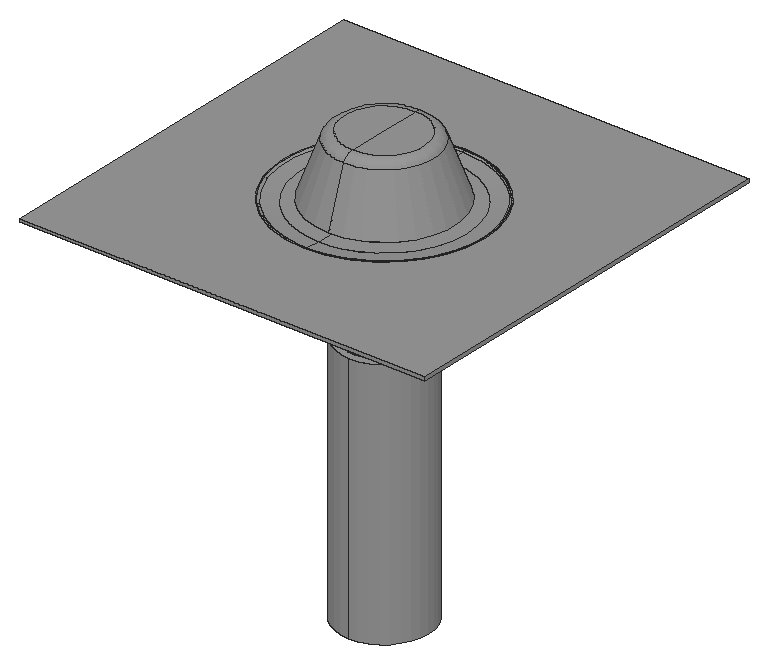
Revit family "HL_Dachablauf_HL69H-B-221103", category Instalační zařizovací předměty, Revit 2021
Family settings
  Kóta kulaté spojky = Použít průměr
  Typ dílu = Normální
  Číslo OmniClass = 23.70.50.21.24.14
  Nadpis OmniClass = Deck Waste Water Drains
  Založené na pracovní rovině = Ne
  Vždy vertikální = Ano
  Ořezat dutým tvarem při načtení = Ne
  Sdílené = Ne
  Bod výpočtu místnosti = Ano
Parameters (values of type "HL_Dachablauf_HL69H_1")
  Výchozí výška = 0 mm
  Výrobce = "HL Hutterer & Lechner GmbH"  # constant formula
  VOLUMENSTROM [instance] = 0.0 L/s
  URL = "http://www.hutterer-lechner.com/de/products/catalog/roof-drains/HL69H/1.aspx"
  RECHTSAUSKUNFT = "Urheberrechte (©), Designrechte und alle anderen Rechte am geistigen Eigentum, sind ausschließlich Eigentum der Firma HL Hutterer&Lechner GmbH. Änderungen sind nicht gestattet. Die Familien (Teile) sind mit Wasserzeichen geschützt."
  MATERIAL = "PP"
  LEISTUNG = "7,8 l/s"
  GEWICHT = "2,33 [kg]"
  EINLAUFROST = "Laubfangkorb d 145 mm"
  EINBAUHÖHE = "301 mm"
  EAN = "9003076004546"
  DURCHMESSER = 110 mm
  DIMENSION = "für DN110"
  Abdeckung Material [instance] = none
  Přípoj ventilace = no
  Přípoj odpadních dílů = yes
  Přípoj HW = no
  Přípoj CW = no
  Popis = "Dachabläufe"
  Model = "HL69H_1"
  Assembly Code = " "
  Komentáře k typům = "HL69H/1, Renovierungsdachablauf für DN110 mit Bitumenmanschette"
  Keynote = "HL69H_1"
  Einbauhöhe [instance] = 0 mm  # constant formula
  G [instance] = 180.00°  # constant formula
  D [instance] = if(DURCHMESSER = 75 mm, 250 mm, if(DURCHMESSER = 160 mm, 250 mm, 363 mm)) + Einbauhöhe  # 363 mm
  C [instance] = if(Einbauhöhe - 68 mm < 0 mm, 0 mm, Einbauhöhe - 68 mm)  # 0 mm
  B [instance] = 100 mm  # constant formula
  A [instance] = if(B - 100 mm > 15 mm, B - 100 mm, 15 mm)  # 15 mm
Types (5, lengths in mm): name | URL | LEISTUNG | GEWICHT | EAN | DURCHMESSER | DIMENSION | Model | Komentáře k typům | Keynote | D
  (no name) | "http://www.hutterer-lechner.com/de/products/catalog/roof-drains/HL69H/7.aspx" | "7,5 l/s" | "2,07 [kg]" | "9003076004539" | 75 | "für DN75" | "HL69H_7" | "HL69H/7, Renovierungsdachablauf für DN75 mit Bitumenmanschette" | "HL69H_7" | 250
  HL_Dachablauf_HL69H_1 | "http://www.hutterer-lechner.com/de/products/catalog/roof-drains/HL69H/1.aspx" | "7,8 l/s" | "2,33 [kg]" | "9003076004546" | 110 | "für DN110" | "HL69H_1" | "HL69H/1, Renovierungsdachablauf für DN110 mit Bitumenmanschette" | "HL69H_1" | 363
  HL_Dachablauf_HL69H_2 | "http://www.hutterer-lechner.com/de/products/catalog/roof-drains/HL69H/2.aspx" | "11,0 l/s" | "2,43 [kg]" | "9003076004553" | 125 | "für DN125" | "HL69H_2" | "HL69H/2, Renovierungsdachablauf für DN125 mit Bitumenmanschette" | "HL69H_2" | 363
  HL_Dachablauf_HL69H_5 | "http://www.hutterer-lechner.com/de/products/catalog/roof-drains/HL69H/5.aspx" | "10,3 l/s" | "2,82 [kg]" | "9003076008285" | 160 | "für DN160" | "HL69H_5" | "HL69H/5, Renovierungsdachablauf für DN160 mit Bitumenmanschette" | "HL69H_5" | 250
  HL_Dachablauf_HL69H_7 | "http://www.hutterer-lechner.com/de/products/catalog/roof-drains/HL69H/7.aspx" | "7,5 l/s" | "2,07 [kg]" | "9003076004539" | 75 | "für DN75" | "HL69H_7" | "HL69H/7, Renovierungsdachablauf für DN75 mit Bitumenmanschette" | "HL69H_7" | 250
Reference planes
  plane 1 "Center (Front/Back)": y = 0
  plane 2: z = 0
  plane 3 "Center (Left/Right)": x = 0
  plane 4: z = -100
  plane 5: z = 0
Lines and regions (mm)
  model lines, style "InvisibleLines"
    curve 1: line (0, 0, 0) -> (0, 0, 20)
  model lines, style "PlumbingFixtures", detail levels coarse+medium
    curve 2: line (0, 0, -100) -> (0, 0, -85)
    curve 3: line (0, 0, -85) -> (-85, 0, 0)
    curve 4: line (0, 0, -85) -> (85, 0, 0)
    curve 6: line (0, 0, -100) -> (0, 0, -463)
  reference lines, not visible
    curve 5: line (0, 0, -100) -> (0, 0, -463)
  symbolic lines, style "PlumbingFixtures", detail levels coarse+medium
    curve 7: line (-75, 75, 0) -> (75, 75, 0)
    curve 8: line (-75, -75, 0) -> (-75, 75, 0)
    curve 9: line (75, -75, 0) -> (-75, -75, 0)
    curve 10: line (75, 75, 0) -> (75, -75, 0)
    curve 11: line (-75, 75, 0) -> (-145.711, 145.711, 0)
    curve 12: line (75, 75, 0) -> (145.711, 145.711, 0)
    curve 13: line (-75, -75, 0) -> (-145.711, -145.711, 0)
    curve 14: line (75, -75, 0) -> (145.711, -145.711, 0)
  symbolic lines, style "PlumbingFixtures", not visible, detail levels coarse+medium
    curve 15: line (-75, 75, 0) -> (75, 75, 0)
    curve 16: line (-75, -75, 0) -> (-75, 75, 0)
    curve 17: line (75, -75, 0) -> (-75, -75, 0)
    curve 18: line (75, 75, 0) -> (75, -75, 0)
    curve 19: line (-75, 75, 0) -> (-145.711, 145.711, 0)
    curve 20: line (75, 75, 0) -> (145.711, 145.711, 0)
    curve 21: line (-75, -75, 0) -> (-145.711, -145.711, 0)
    curve 22: line (75, -75, 0) -> (145.711, -145.711, 0)
Text (mm)
  text "FLOOR" at (-162.344, 0, -10.979), in view "Drain Construction View"
Dimensions and locks
  "B": plane 2 to plane 4
  "Einbauhöhe": plane 2 to plane 5
  "A": curve 4 to plane 4
  "D": curve 5 to curve 5
  "D": curve 6 to curve 6
  locked: curve 4 to plane 3 "Center (Left/Right)" (angle 45.00°)
  locked: plane 3 "Center (Left/Right)" to curve 3 (angle 45.00°)
  "G": angle curve 5 to plane 3 "Center (Left/Right)"
  aligned and locked: level to plane 2
  aligned and locked: plane 2 to curve 4
  aligned and locked: plane 2 to curve 3
  aligned and locked: plane 4 to curve 5
  aligned and locked: plane 3 "Center (Left/Right)" to curve 5
  aligned and locked: plane 4 to curve 2
  aligned and locked: curve 6 to plane 3 "Center (Left/Right)"
  aligned and locked: curve 6 to plane 4
  aligned and locked: nested 1 to plane 5
  aligned and locked: nested 1 to plane 3 "Center (Left/Right)"
  aligned and locked: plane 2 to nested 2
  aligned and locked: plane 3 "Center (Left/Right)" to nested 2
Automatic sketch dimensions
  curve 2 to plane 3 "Center (Left/Right)" = 0 mm
  curve 1 to plane 3 "Center (Left/Right)" = 0 mm
  curve 1 to level = 0 mm
  level to curve 1 = 20 mm
Nested families
  nested 1: "HL_Dachablaufkörper_HL69H" at (0, 0, -4), DURCHMESSER <- "DURCHMESSER", type "HL_Dachablaufkörper_HL69H"
    with DURCHMESSER 110 mm, C no, B no, A yes
  nested 2: "HL_Zubehör_HL062.1E" at (0, 0, 0), type "HL_Zubehör_HL062.1E"
Connectors
  piping at (0, 0, -463), diameter 110, driven by "VOLUMENSTROM", driven by "DURCHMESSER"
    settings: on curve 5, index 1, connector inside diameter 609.6 mm, connector length 0 mm, flow factor 0, pipe flow 0.0 L/s, pressure drop 0.0 Pa, fitting loss kfactor 0, connector angle 0.00°, fixture units 0, engagement length 0 mm, angle of deflection 0.00°, flow configuration 1, flow direction 2, fitting loss method 0, system type 16, joint type 0, gender type 0, connector reference index -1, connector utility 0, adjustable connector yes, is connector primary yes, connector description ""
Definition of nested family "HL_Dachablaufkörper_HL69H"
  Parameters (values of type "HL_Dachablaufkörper_HL69H")
    Default Elevation = 0 mm
    Manufacturer = ""
    URL = ""
    Description = ""
    Model = ""
    Type Comments = ""
    DURCHMESSER [instance] = 110 mm
    Cost = 0
    C [instance] = if(DURCHMESSER = 160 mm, (1 = 1), 0 = 1)  # no
    B [instance] = if(DURCHMESSER = 75 mm, (1 = 1), 0 = 1)  # no
    A [instance] = if(or(DURCHMESSER = 125 mm, DURCHMESSER = 110 mm), (1 = 1), 0 = 1)  # yes
  Reference planes
    plane 1 "Střed (vpředu/vzadu)": y = 0
    plane 2: z = 0
    plane 3 "Střed (vlevo/vpravo)": x = 0
  Forms (mm)
    Revolve 1, solid, detail levels fine
      sketch origin (0, 0, 0) x (0, 1, 0) y (0, 0, 1)
        loop
          line (177, -3) -> (177, 0) -> (112, 0) -> (82.902, -11.757) -> (82.902, -27.379) -> (77.902, -27.379) -> (77.902, -42) -> (0, -42) -> (0, -45) -> (81.026, -45) -> (81.026, -30) -> (85.505, -28.716) -> (85.505, -11.757) -> (104.147, -11.757) -> (128.206, -3) -> (177, -3)
        axis (0, 0) -> (0, -45)
      angle from 0 to 360
    Extrusion 2, solid, detail levels fine
      sketch origin (0, 0, 0) x (1, 0, 0) y (0, 1, 0)
        loop
          line (250, 250) -> (-250, 250) -> (-250, -250) -> (250, -250) -> (250, 250)
        loop
          circle (0, 0) r 124.28
      from 0 to 4
    Revolve 3, solid, detail levels fine
      sketch origin (0, 0, 0) x (0, 1, 0) y (0, 0, 1)
        loop
          line (82.902, -11.757) -> (112, 0) -> (124.28, 0) -> (124.28, 4) -> (123.294, 4) -> (120.925, 2.793) -> (101.964, 0.8) -> (81.005, 0.8) -> (79.24, -2.257) -> (79.24, -21.433) -> (75.783, -21.433) -> (75.045, -23.015) -> (75.045, -27.379) -> (82.902, -27.379) -> (82.902, -11.757)
        axis (0, 4) -> (0, -27.379)
      angle from 0 to 360
    Revolve 4, solid, visible <- "A", detail levels fine
      sketch origin (0, 0, 0) x (0, 1, 0) y (0, 0, 1)
        loop
          line (0, -149.019) -> (45.493, -149.019) -> (45.493, -99) -> (63.12, -99) -> (63.12, -62.992) -> (73.508, -45) -> (0, -45) -> (0, -149.019)
        axis (0, -45) -> (0, -149.019)
      angle from 0 to 360
    Extrusion 5, solid, visible <- "A", detail levels fine
      sketch origin (0, 0, -149.019) x (0, 1, 0) y (1, 0, 0)
        loop
          circle (0, 0) r 55
      from 0 to 310
    Revolve 6, solid, visible <- "B", detail levels fine
      sketch origin (0, 0, 0) x (0, 1, 0) y (0, 0, 1)
        loop
          line (28.12, -94.1) -> (62.726, -45) -> (0, -45) -> (0, -346) -> (35.72, -346) -> (35.72, -108) -> (28.12, -108) -> (28.12, -94.1)
        axis (0, -45) -> (0, -346)
      angle from 0 to 360
    Revolve 7, solid, visible <- "C", detail levels fine
      sketch origin (0, 0, 0) x (0, 1, 0) y (0, 0, 1)
        loop
          line (73.507, -45) -> (0, -45) -> (0, -346) -> (81.007, -346) -> (81.007, -107.5) -> (63.507, -107.5) -> (63.507, -67) -> (73.507, -67) -> (73.507, -45)
        axis (0, -45) -> (0, -346)
      angle from 0 to 360
  Dimensions and locks
    "DURCHMESSER": diameter of Extrusion 5 sketch curve
    aligned and locked: level to plane 2
  Automatic sketch dimensions
    Revolve 1 sketch curve to plane 1 "Střed (vpředu/vzadu)" = 0 mm  (x2)
    level to Revolve 1 sketch curve = 0 mm
    Revolve 1 sketch curve to plane 1 "Střed (vpředu/vzadu)" = 77.902 mm
    Revolve 1 sketch curve to Revolve 1 sketch curve = 3.124 mm
    Revolve 1 sketch curve to Revolve 1 sketch curve = 5 mm
    Revolve 1 sketch curve to level = 28.716 mm
    Revolve 1 sketch curve to Revolve 1 sketch curve = 2.603 mm
    Revolve 1 sketch curve to level = 11.757 mm
    Revolve 1 sketch curve to Revolve 1 sketch curve = 18.642 mm
    Revolve 1 sketch curve to Revolve 1 sketch curve = 7.853 mm
    Revolve 1 sketch curve to level = 3 mm
    Revolve 1 sketch curve to Revolve 1 sketch curve = 16.206 mm
    Revolve 1 sketch curve to Revolve 1 sketch curve = 48.794 mm
    Revolve 1 sketch curve to Revolve 1 sketch curve = 1.284 mm
    Revolve 1 sketch curve to level = 42 mm
    Revolve 1 sketch curve to Revolve 1 sketch curve = 3 mm
    Revolve 1 sketch curve to Revolve 1 sketch curve = 2.621 mm
    Revolve 1 sketch curve to Revolve 1 sketch curve = 0 mm
    level to Revolve 1 sketch curve = 51.827 mm
    Revolve 1 sketch curve to Revolve 1 sketch curve = 60 mm
    plane 1 "Střed (vpředu/vzadu)" to Extrusion 2 sketch curve = 0 mm
    Extrusion 2 sketch curve to plane 3 "Střed (vlevo/vpravo)" = 0 mm
    Extrusion 2 sketch curve to plane 3 "Střed (vlevo/vpravo)" = 250 mm
    plane 3 "Střed (vlevo/vpravo)" to Extrusion 2 sketch curve = 250 mm
    plane 1 "Střed (vpředu/vzadu)" to Extrusion 2 sketch curve = 250 mm
    Extrusion 2 sketch curve to plane 1 "Střed (vpředu/vzadu)" = 250 mm
    Revolve 3 sketch curve to plane 1 "Střed (vpředu/vzadu)" = 0 mm
    level to Revolve 3 sketch curve = 0 mm
    Revolve 3 sketch curve to level = 27.379 mm
    Revolve 3 sketch curve to plane 1 "Střed (vpředu/vzadu)" = 75.045 mm
    Revolve 3 sketch curve to Revolve 3 sketch curve = 0.738 mm
    Revolve 3 sketch curve to Revolve 3 sketch curve = 3.457 mm
    level to Revolve 3 sketch curve = 0.8 mm
    Revolve 3 sketch curve to Revolve 3 sketch curve = 1.765 mm
    Revolve 3 sketch curve to Revolve 3 sketch curve = 3.662 mm
    Revolve 3 sketch curve to Revolve 3 sketch curve = 20.959 mm
    Revolve 3 sketch curve to Revolve 3 sketch curve = 10.036 mm
    level to Revolve 3 sketch curve = 2.793 mm
    Revolve 3 sketch curve to Revolve 3 sketch curve = 8.925 mm
    Revolve 3 sketch curve to Revolve 3 sketch curve = 2.369 mm
    Revolve 3 sketch curve to Revolve 3 sketch curve = 0.985 mm
    Revolve 3 sketch curve to Revolve 3 sketch curve = 4.364 mm
    Revolve 3 sketch curve to Revolve 3 sketch curve = 1.582 mm
    Revolve 3 sketch curve to Revolve 3 sketch curve = 9.676 mm
    Revolve 3 sketch curve to level = 2.257 mm
    Revolve 3 sketch curve to Revolve 3 sketch curve = 1.207 mm
    Revolve 3 sketch curve to Revolve 3 sketch curve = 272.621 mm
    level to Revolve 3 sketch curve = 300 mm
    Revolve 4 sketch curve to plane 1 "Střed (vpředu/vzadu)" = 0 mm  (x2)
    Revolve 4 sketch curve to Revolve 4 sketch curve = 45.493 mm
    Revolve 4 sketch curve to Revolve 4 sketch curve = 17.627 mm
    Revolve 4 sketch curve to Revolve 4 sketch curve = 10.388 mm
    Revolve 4 sketch curve to level = 149.019 mm
    Revolve 4 sketch curve to Revolve 4 sketch curve = 50.019 mm
    Revolve 4 sketch curve to Revolve 4 sketch curve = 36.008 mm
    Revolve 4 sketch curve to Revolve 4 sketch curve = 17.992 mm
    level to Revolve 4 sketch curve = 51.827 mm
    Revolve 4 sketch curve to Revolve 4 sketch curve = 60 mm
    Revolve 6 sketch curve to plane 1 "Střed (vpředu/vzadu)" = 0 mm
    Revolve 6 sketch curve to plane 1 "Střed (vpředu/vzadu)" = 28.12 mm
    Revolve 6 sketch curve to plane 1 "Střed (vpředu/vzadu)" = 35.72 mm
    Revolve 6 sketch curve to level = 346 mm
    Revolve 6 sketch curve to level = 108 mm
    Revolve 6 sketch curve to Revolve 6 sketch curve = 13.9 mm
    Revolve 6 sketch curve to level = 45 mm
    Revolve 6 sketch curve to Revolve 6 sketch curve = 34.606 mm
    Revolve 7 sketch curve to plane 1 "Střed (vpředu/vzadu)" = 63.507 mm
    Revolve 7 sketch curve to Revolve 7 sketch curve = 10 mm
    Revolve 7 sketch curve to plane 1 "Střed (vpředu/vzadu)" = 81.007 mm
    Revolve 7 sketch curve to level = 346 mm
    Revolve 7 sketch curve to level = 107.5 mm
    Revolve 7 sketch curve to Revolve 7 sketch curve = 40.5 mm
    Revolve 7 sketch curve to Revolve 7 sketch curve = 22 mm
    Revolve 7 sketch curve to Revolve 7 sketch curve = 81.007 mm
    Extrusion 5 sketch curve to Revolve 4 = 0 mm
    radius of Extrusion 2 sketch curve = 124.28 mm
Definition of nested family "HL_Zubehör_HL062.1E"
  Parameters (values of type "HL_Zubehör_HL062.1E")
    Default Elevation = 0 mm
    Manufacturer = "HL Hutterer & Lechner GmbH"
    URL = "http://www.hutterer-lechner.com/de/products/catalog/roof-drains/HL062.1E.aspx"
    Abdeckung Material = none
    RECHTSAUSKUNFT = "Urheberrechte (©), Designrechte und alle anderen Rechte am geistigen Eigentum, sind ausschließlich Eigentum der Firma HL Hutterer&Lechner GmbH. Änderungen sind nicht gestattet. Die Familien (Teile) sind mit Wasserzeichen geschützt."
    Description = "Dachabläufe"
    Model = "HL062.1E"
    Type Comments = "HL062.1E, Laubfangkorb"
    Keynote = "HL062.1E"
    GEWICHT = "0,097 [kg]"
    Volumenstrom [instance] = 0.0 L/s
    EAN = "9003076006212"
    Cost = 0
  Values of the unnamed type that differ from the named types
    Manufacturer = ""
    URL = ""
    RECHTSAUSKUNFT = ""
    Description = ""
    Model = ""
    Type Comments = "HL062.1E, domed plastic grate"
    Keynote = ""
  Reference planes
    plane 1 "Střed (vpředu/vzadu)": y = 0
    plane 2: z = 0
    plane 3 "Střed (vlevo/vpravo)": x = 0
  Forms (mm)
    Revolve 1, solid, detail levels fine
      sketch origin (0, 0, 0) x (0, 1, 0) y (0, 0, 1)
        loop
          line (0, 75) -> (0, 60.2) -> (47.074, 60.2) -> (68.985, 0) -> (86.249, 0) -> (61.992, 66.646)
          arc (61.992, 66.646) -> (56.733, 72.731) -> (49.016, 75) r 14.255
          line (49.016, 75) -> (0, 75)
        axis (0, 75) -> (0, 0)
      angle from 0 to 360
    Extrusion 2, solid, detail levels fine
      sketch origin (0, 0, 0) x (0, 1, 0) y (1, 0, 0)
        loop
          circle (0, 0) r 78.587
        loop
          circle (0, 0) r 70.981
      from 0 to 16.7
    Extrusion 3, solid, detail levels fine
      sketch origin (0, 0, -16.7) x (-1, 0, 0) y (0, 1, 0)
        loop
          circle (0, 0) r 70
        loop
          circle (0, 0) r 74.546
      from 0 to 12.3
  Dimensions and locks
    aligned and locked: level to plane 2
